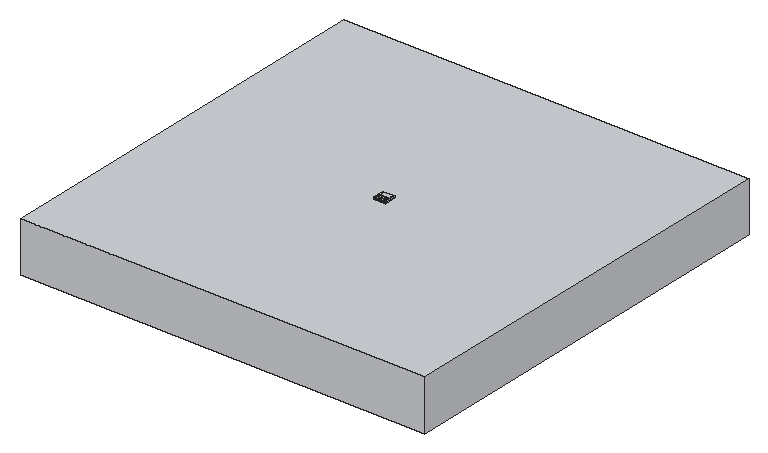
Revit family "Gira_2042112", category Elektroinstallationen, Revit 2017
Family settings
  Basisbauteil = Fläche
  Beschriftungsausrichtung beibehalten = Nein
  Bemaßung runder Anschluss = Durchmesser verwenden
  Teiletyp = Normal
  Beim Laden mit Abzugskörper schneiden = Nein
  Gemeinsam genutzt = Nein
  Raumberechnungspunkt = Nein
Parameters (values of type "KNX Tastsens.3 Plus 2f Flächenschalter Reinweiß")
  Werkstoffgüte = "Thermoplast"
  Werkstoff Text = "Kunststoff"
  Default Elevation = 1219.2 mm
  URL = "https://www.gira.de/"
  Typname = "KNX Tastsens.3 Plus 2f Flächenschalter Reinweiß"
  Type Comments = ""
  Transparent = yes
  Schutzart (IP) = "IP20"
  RAL-Nummer (ähnlich) = 9010
  Produktseite = "https://media.stage.bim.site/t/eyJhbGciOiJIUzI1NiIsInR5cCI6IkpXVCJ9.eyJjdCI6MiwidHUiOiJodHRwOi8va2F0YWxvZy5naXJhLmRlL2RlX0RFL2RhdGVuYmxhdHQuaHRtbD9hcnRpa2VsbnI9MjA0MjExMiIsImNpZCI6IjMyNzdjYzIzLTgxYTktNGVlMy1hOTBhLWI0N2JiNGMwYjYxNiIsInJpZCI6Ijk3MDI3ZWZkNmJlZjcwNGExZjE5NWQ1YjM4ZWNkZGViIiwicGlkIjoiNjlhM2VkODljZjAzZGJmNDhjNGRiNGVjMTY0ZDgwZWJkODIxMTljOSIsInNpZCI6IjYzNDcwIiwidXQiOjEsImxjIjoiZGUiLCJpYXQiOjE2MDA5MzgzMTEsImlzcyI6Imh0dHBzOi8vYXBpLmxpdmUuYmltLnNpdGUiLCJzdWIiOiJhZG1pbkBiaW1zaXRlLmRldiJ9.fb1u9rajuzIGW-L3hiu5aoWTMjcfz7snMcwXuMiT2yc"
  Oberfläche Text = "sonstige"
  Montageart = "Unterputz"
  Model = ""
  Mit Raumthermostat = yes
  Mit LED-Anzeige = yes
  Mit Infrarotsensor = no
  Mit Display = yes
  Mit Diebstahl-/Demontageschutz = yes
  Mit Busankopplung = no
  Mit Beschriftungsfeld = no
  Kosten = 0
  Hersteller = "Gira"
  HeinzeBIM = "https://www.heinze.de/bim/knx-tastsens-3-plus-2f-flaechenschalter-reinweiss/69a3ed89cf03dbf48c4db4ec164d80ebd82119c9"
  HAN = "2042112"
  GTIN = "4010337081920"
  Farbe = "weiß"
  Datenblatt 1 = "https://media.stage.bim.site/t/eyJhbGciOiJIUzI1NiIsInR5cCI6IkpXVCJ9.eyJjdCI6MSwidGYiOiJwdWJsaWMvZ2lyYS9hZThjNTU3LzIwNDIxMTIudHh0IiwiY2lkIjoiMzI3N2NjMjMtODFhOS00ZWUzLWE5MGEtYjQ3YmI0YzBiNjE2IiwicmlkIjoiOTcwMjdlZmQ2YmVmNzA0YTFmMTk1ZDViMzhlY2RkZWIiLCJwaWQiOiI2OWEzZWQ4OWNmMDNkYmY0OGM0ZGI0ZWMxNjRkODBlYmQ4MjExOWM5Iiwic2lkIjoiNjM0NzAiLCJ1dCI6MSwibGMiOiJkZSIsImlhdCI6MTYwMDkzODMxMSwiaXNzIjoiaHR0cHM6Ly9hcGkubGl2ZS5iaW0uc2l0ZSIsInN1YiI6ImFkbWluQGJpbXNpdGUuZGV2In0.8SC2QnfhMpSpnGUefLj6iet5nsszYLWtdMpTZdq1wDc/2042112.txt"
  Datenblatt = "https://media.stage.bim.site/t/eyJhbGciOiJIUzI1NiIsInR5cCI6IkpXVCJ9.eyJjdCI6MSwidHUiOiJodHRwczovL2thdGFsb2cuZ2lyYS5kZS9kZV9ERS9kb3dubG9hZC5odG1sP2FydGlrZWxucj0yMDQyMTEyIiwiY2lkIjoiMzI3N2NjMjMtODFhOS00ZWUzLWE5MGEtYjQ3YmI0YzBiNjE2IiwicmlkIjoiOTcwMjdlZmQ2YmVmNzA0YTFmMTk1ZDViMzhlY2RkZWIiLCJwaWQiOiI2OWEzZWQ4OWNmMDNkYmY0OGM0ZGI0ZWMxNjRkODBlYmQ4MjExOWM5Iiwic2lkIjoiNjM0NzAiLCJ1dCI6MSwibGMiOiJkZSIsImlhdCI6MTYwMDkzODMxMSwiaXNzIjoiaHR0cHM6Ly9hcGkubGl2ZS5iaW0uc2l0ZSIsInN1YiI6ImFkbWluQGJpbXNpdGUuZGV2In0.zEt0y0RqLDXk-uqeHeuLtV8gt678xzYrhcxCpV-gBcc"
  Color [instance] = none
  Bussystem Powernet = no
  Bussystem LON = no
  Bussystem KNX-Funk = no
  Bussystem KNX = yes
  Bussystem Funkbus = no
  Beschreibung = "KNX Tastsensor 3 Plus 2fach  Reinweiß glänzend Merkmale:  Montage auf Busankoppler 3 oder Busankoppler 3 externer Fühler.  Demontageschutz durch Verschraubung.  Grafikdisplay mit Hintergrundbeleuchtung und vielfältigen Anzeigemöglichkeiten, z. B. Temperatur, Uhrzeit, Datum, Alarm- und Hinweistexte.  Weiße Betriebs-LED.  Mehrfarbige Status-LED (rot, grün, blau) über die ETS parametrierbar.  Interner Temperatursensor zum Messen der lokalen Raumtemperatur. Tastsensor-Eigenschaften::  Wippen- oder Tastenfunktion für jede Bedienfläche einstellbar.  Wippenfunktion: Schalten, Dimmen, Jalousiesteuerung, Wertgeber 1 Byte, Wertgeber 2 Byte, Szenennebenstelle, 2-Kanal-Bedienung und manuelle Lüftersteuerung.  Tastenfunktion: Schalten, Dimmen, Jalousiesteuerung, Wertgeber 1 Byte, Wertgeber 2 Byte, Szenennebenstelle, 2-Kanal-Bedienung, Reglernebenstelle, Reglerbedienung, Heizungsuhrbedienung und manuelle Lüftersteuerung.  Reglernebenstelle oder Reglerbedienung: Betriebsmodusumschaltung, (definierte Wahl eines Betriebsmodus oder Wechsel zwischen verschiedenen Betriebsmodi bei Reglernebenstelle), Wechsel des Präsenzzustands, Sollwertverschiebung.  Sperrobjekt zum Sperren von einzelnen Tasten- bzw. Wippenfunktionen.  Anzeige einer Alarmmeldung durch Blinken sämtlicher LEDs.  Mehrfarbige Status-LED (rot, grün, blau) ist global oder jeweils getrennt konfigurierbar. Über den Bus kann eine überlagerte Funktion aktiviert werden, wodurch Farbe und Anzeigeinformation einzelner Status-LEDs prioritätsbedingt verändert werden können.  Betriebs-LED EIN, AUS, automatische Abschaltung oder über Objekt schaltbar.  Kommunikationsobjekt zur Helligkeitssteuerung der Status-LED, Beschriftungsfeldbeleuchtung und Hintergrundbeleuchtung des Displays. Raumtemperaturregler-Eigenschaften::  Betriebsmodi: Komfort, Stand-by, Nacht und Frost- bzw. Hitzeschutz mit jeweils eigenen Temperatursollwerten (für Heizen und bzw. oder Kühlen).  Komfortverlängerung durch Präsenztaste.  Frost- bzw. Hitzeschutzumschaltung durch Fensterstatus oder durch Frostschutzautomatik.  Anzeige der Raumtemperaturregler-Informationen über das Gerätedisplay.  Wahlweise ein oder zwei Regelkreise.  Je Heiz- oder Kühlstufe sind verschiedene Regelungsarten konfigurierbar: PI-Regelung (stetige oder schaltende PWM) oder 2-Punkt-Regelung (schaltend).  Regelparameter für PI-Regler und 2-Punkt-Regler einstellbar.  Interner Temperatursensor und bis zu zwei externe Temperaturfühler (1 x Objekt, 1 x bedrahtet) zur Raumtemperaturmessung möglich.  Optionaler externer bedrahteter Fernfühler für z. B. Estrichfühler bei Fußbodenheizung.  Heizungsuhr mit 28 Schaltzeiten. LC-Display Eigenschaften::  Grafikdisplay mit schaltbarer LED-Hintergrundbeleuchtung.  1-Bereichs- oder 2-Bereichsdarstellung.  Textanzeigen im Display in den Sprachen: Deutsch, Englisch, Niederländisch, Norwegisch, Russisch und Polnisch. Weitere Sprachen im Internet verfügbar.  Hinweise :  Professionelle Beschriftung über den Gira Beschriftungsservice www.beschriftung.gira.de."
  Assembly Code = ""
  Keynote = ""
  BIMSITE_PRODUCT_ID = "69a3ed89cf03dbf48c4db4ec164d80ebd82119c9"
  BIM = "https://media.stage.bim.site/t/eyJhbGciOiJIUzI1NiIsInR5cCI6IkpXVCJ9.eyJjdCI6MSwidGYiOiJwdWJsaWMvZ2lyYS9hZThjNTU3L0tOWCBUYXN0c2Vuc29yIDMgUGx1cyAyZmFjaC5yZmEiLCJjaWQiOiIzMjc3Y2MyMy04MWE5LTRlZTMtYTkwYS1iNDdiYjRjMGI2MTYiLCJyaWQiOiI5NzAyN2VmZDZiZWY3MDRhMWYxOTVkNWIzOGVjZGRlYiIsInBpZCI6IjY5YTNlZDg5Y2YwM2RiZjQ4YzRkYjRlYzE2NGQ4MGViZDgyMTE5YzkiLCJzaWQiOiI2MzQ3MCIsInV0Ijo1LCJsYyI6ImRlIiwiaWF0IjoxNjAwOTM4MzExLCJpc3MiOiJodHRwczovL2FwaS5saXZlLmJpbS5zaXRlIiwic3ViIjoiYWRtaW5AYmltc2l0ZS5kZXYifQ.T7-IG_VIdzsgLlc0oMPa9fWVNRi4rGrKx6UxQEN9kDU/KNX Tastsensor 3 Plus 2fach.rfa"
  Ausführung der Oberfläche = "glänzend"
  Anzahl der Tasten = 2
  Anzahl der Betätigungspunkte = 6
  Andere Bussysteme = "ohne"
Reference planes
  plane 1 "Center (Front/Back)": y = 0
  plane 2: z = 0
  plane 3 "Center (Left/Right)": x = 0
Forms (mm)
  Extrusion 1, solid
    sketch origin (0, 0, 0) x (1, 0, 0) y (0, 1, 0)
      loop
        line (-1219.2, 1219.2) -> (-1219.2, -1219.2) -> (1219.2, -1219.2) -> (1219.2, 1219.2) -> (-1219.2, 1219.2)
    from 0 to -304.8
  Extrusion 2, solid, material <- "Color", detail levels fine
    sketch origin (-55.776, -65.26, 7.5) x (1, 0, 0) y (0, 1, 0)
      loop
        line (20.625, 100.531) -> (20.625, 65.457) -> (90.926, 65.457) -> (90.926, 100.531) -> (20.625, 100.531)
      loop
        line (20.625, 65.077) -> (20.625, 47.73) -> (90.926, 47.73) -> (90.926, 65.077) -> (20.625, 65.077)
      loop
        line (20.625, 47.336) -> (20.625, 29.988) -> (90.926, 29.988) -> (90.926, 47.336) -> (20.625, 47.336)
    from 0 to 3.5
  Extrusion 3, solid, material <- "Color", detail levels medium+fine
    sketch origin (0, 0.271, 0) x (1, 0, 0) y (0, 1, 0)
      loop
        line (-35.15, -35.542) -> (35.15, -35.542) -> (35.15, 35) -> (-35.15, 35) -> (-35.15, -35.542)
    from 0 to 7.5
  Extrusion 4, solid, detail levels fine
    sketch origin (0, 0.271, 0) x (1, 0, 0) y (0, 1, 0)
      loop
        arc (-19.168, 23.877) -> (-22.703, 22.413) -> (-24.168, 18.877) r 5
        line (-24.168, 18.877) -> (-24.168, 6.977) -> (-25.818, 6.977) -> (-25.818, -6.977) -> (-24.168, -6.977) -> (-24.168, -18.877)
        arc (-24.168, -18.877) -> (-22.703, -22.413) -> (-19.168, -23.877) r 5
        line (-19.168, -23.877) -> (8.118, -23.877) -> (18.587, -23.877)
        arc (18.587, -23.877) -> (22.122, -22.413) -> (23.587, -18.877) r 5
        line (23.587, -18.877) -> (23.587, -6.977) -> (25.237, -6.977) -> (25.237, 6.977) -> (23.587, 6.977) -> (23.587, 18.877)
        arc (23.587, 18.877) -> (22.122, 22.413) -> (18.587, 23.877) r 5
        line (18.587, 23.877) -> (-0.291, 23.877) -> (-19.168, 23.877)
    from 0 to -2.5
  Extrusion 5, solid, material <- "Color", detail levels fine
    sketch origin (0.269, -7.076, 0) x (1, 0, 0) y (0, 1, 0)
      loop
        line (-7.648, -8.136) -> (-7.648, -14.195) -> (-6.811, -14.195) -> (-6.811, -8.895) -> (6.284, -8.895) -> (6.284, -14.193) -> (7.11, -14.193) -> (7.11, -8.136) -> (-7.648, -8.136)
    from -2.5 to -10
  Extrusion 6, solid, material <- "Color", detail levels fine
    sketch origin (1.783, -12.615, 0) x (1, 0, 0) y (0, 1, 0)
      loop
        circle (-29.933, 30.386) r 1
    from 11 to 11.5
  Extrusion 7, solid, material <- "Color", detail levels fine
    sketch origin (-1.783, -12.615, 0) x (-1, 0, 0) y (0, -1, 0)
      loop
        circle (-29.933, -30.386) r 1
    from 11 to 11.5
  Extrusion 8, solid, material <- "Color", detail levels fine
    sketch origin (1.783, -39.416, 0) x (1, 0, 0) y (0, 1, 0)
      loop
        circle (-29.933, 30.386) r 1
    from 11 to 11.5
  Extrusion 9, solid, material <- "Color", detail levels fine
    sketch origin (-1.783, -39.416, 0) x (-1, 0, 0) y (0, -1, 0)
      loop
        circle (-29.933, -30.386) r 1
    from 11 to 11.5
  Extrusion 10, solid, material <- "Color", detail levels fine
    sketch origin (1.783, -57.158, 0) x (1, 0, 0) y (0, 1, 0)
      loop
        circle (-29.933, 30.386) r 1
    from 11 to 11.5
  Extrusion 11, solid, material <- "Color", detail levels fine
    sketch origin (-1.783, -57.158, 0) x (-1, 0, 0) y (0, -1, 0)
      loop
        circle (-29.933, -30.386) r 1
    from 11 to 11.5
  Extrusion 12, solid, material <- "Color"
    sketch origin (0.269, 0.271, 0) x (1, 0, 0) y (0, 1, 0)
      loop
        line (-6.811, -16.242) -> (-6.811, -21.542) -> (6.284, -21.542) -> (6.284, -16.242) -> (-6.811, -16.242)
    from -2.5 to -3.5
  Extrusion 13, solid, material <- "Color", detail levels medium
    sketch origin (-55.776, -65.26, 7.5) x (1, 0, 0) y (0, 1, 0)
      loop
        line (20.625, 100.531) -> (20.625, 65.457) -> (90.926, 65.457) -> (90.926, 100.531) -> (20.625, 100.531)
      loop
        line (20.625, 65.077) -> (20.625, 47.73) -> (90.926, 47.73) -> (90.926, 65.077) -> (20.625, 65.077)
      loop
        line (20.625, 47.336) -> (20.625, 29.988) -> (90.926, 29.988) -> (90.926, 47.336) -> (20.625, 47.336)
    from 0 to 4
  Extrusion 14, solid, material <- "Color", detail levels medium
    sketch origin (0, 0.271, 0) x (1, 0, 0) y (0, 1, 0)
      loop
        line (25.237, 23.877) -> (-25.818, 23.877) -> (-25.818, -23.877) -> (25.237, -23.877) -> (25.237, 23.877)
    from 0 to -2.5
  Extrusion 15, solid, material <- "Color", detail levels medium
    sketch origin (0.269, 0.271, 0) x (1, 0, 0) y (0, 1, 0)
      loop
        line (-7.648, -15.484) -> (-7.648, -21.542) -> (7.11, -21.542) -> (7.11, -15.484) -> (-7.648, -15.484)
    from 0 to -10
  Extrusion 16, solid, material <- "Color", detail levels coarse
    sketch origin (0, 0.271, 0) x (1, 0, 0) y (0, 1, 0)
      loop
        line (-35.151, 35) -> (-35.151, -35.542) -> (35.15, -35.542) -> (35.15, 35) -> (-35.151, 35)
    from -10 to 11.5
Lines and regions (mm)
  reference lines
    curve 1: line (0, 35.271, 0) -> (0, -35.271, 0)
Dimensions and locks
  aligned and locked: plane 2 to Extrusion 1
  aligned and locked: level to Extrusion 1
Connectors
  electrical at (0.005, -18.621, -3.5)
    settings: on Extrusion 12, index 1, voltage 120 V, apparent load 0 VA, apparent load phase1 0 VA, apparent load phase2 0 VA, apparent load phase3 0 VA, power factor 1, load classification "Other", number of poles 1, system type 31, power factor state 1, is connector primary yes, connector utility no, sub classification motor no, connector description ""
